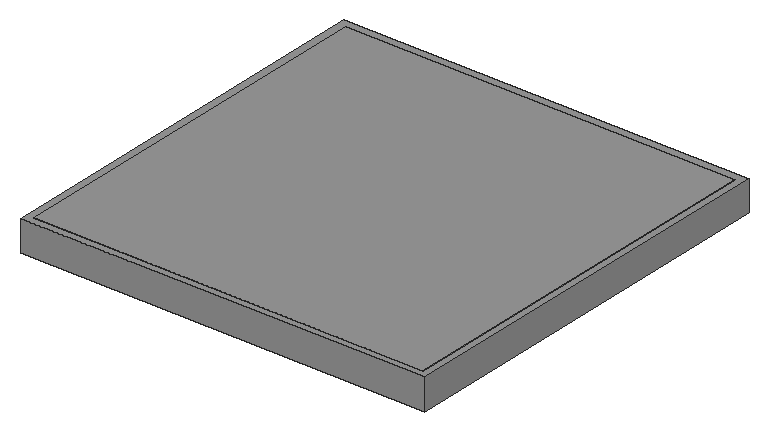
Revit family "ДВО-09 30 Вт Грильято DALI", category Осветительные приборы, Revit 2019 (continued)
Types (6, lengths in mm): name | Эффективность светильника | Файл фотометрической сетки | Тип рассеивателя | Световой поток модуля | built-in parameter 1150142 | Wattage | built-in parameter 1114217 | built-in parameter 1150134 | Lumens | built-in parameter 1150105 | Категория по ограничению яркости | built-in parameter 1150107 | built-in parameter 1150106 | Габаритная яркость | Артикул | URL
    .0 0.0 0.0 0.0 0.0 0.0 0.0 0.0 0.0 0.0 0.0 0.0 0.0 0.0 0.0 0.0 0.0 0.0 0.0 0.0 0.0 0.0 0.0 0.0 0.0\r\n1213.1 1212.4 1211.2 1209.5 1207.3 1204.6 1201.4 1197.9 1193.9 1189.7 1184.8 1179.6 1173.9 1167.8 1161.1 1154.1 1146.5 1138.6 1130.3 1121.6 1112.5 1102.9 1093.3 1083.0 1072.6 1061.6 1050.5 1038.7 1027.0 1014.6 1002.0 989.0 975.7 961.8 947.9 933.7 919.2 904.6 889.6 874.5 859.0 843.5 827.5 811.2 794.7 777.8 760.8 743.6 726.1 708.5 690.7 672.6 654.3 635.8 617.2 598.2 579.1 559.8 540.3 520.6 500.6 480.7 460.3 440.2 419.4 399.0 378.2 357.6 336.7 316.2 295.3 275.0 254.3 234.4 214.1 194.5 175.0 156.0 137.2 119.1 101.8 85.3 70.0 55.8 43.3 32.6 23.9 17.1 12.4 9.3 7.5 6.7 6.4 6.3 6.4 6.4 6.3 6.4 6.5 6.6 0.0 0.0 0.0 0.0 0.0 0.0 0.0 0.0 0.0 0.0 0.0 0.0 0.0 0.0 0.0 0.0 0.0 0.0 0.0 0.0 0.0 0.0 0.0 0.0 0.0 0.0 0.0 0.0 0.0 0.0 0.0 0.0 0.0 0.0 0.0 0.0 0.0 0.0 0.0 0.0 0.0 0.0 0.0 0.0 0.0 0.0 0.0 0.0 0.0 0.0 0.0 0.0 0.0 0.0 0.0 0.0 0.0 0.0 0.0 0.0 0.0\r\n1213.1 1212.4 1211.0 1209.0 1206.6 1203.8 1200.3 1196.6 1192.3 1187.9 1182.9 1177.6 1171.6 1165.5 1158.5 1151.3 1143.5 1135.3 1126.8 1117.8 1108.6 1098.9 1089.1 1078.7 1068.2 1057.1 1045.8 1033.8 1021.8 1009.1 996.3 982.8 969.3 955.2 941.2 926.8 912.4 897.5 882.7 867.5 852.4 836.8 821.0 804.7 788.4 771.2 754.2 736.6 719.0 700.8 683.0 664.4 646.1 627.2 608.8 589.7 570.8 551.3 532.1 512.2 492.1 472.3 451.8 431.6 410.6 390.1 369.2 348.6 327.7 307.3 286.6 266.5 246.0 226.4 206.4 187.1 167.9 149.3 130.8 113.3 96.2 80.2 65.4 51.9 39.8 29.9 21.7 15.6 11.2 8.5 7.0 6.5 6.4 6.4 6.5 6.6 6.4 6.6 6.7 6.7 0.0 0.0 0.0 0.0 0.0 0.0 0.0 0.0 0.0 0.0 0.0 0.0 0.0 0.0 0.0 0.0 0.0 0.0 0.0 0.0 0.0 0.0 0.0 0.0 0.0 0.0 0.0 0.0 0.0 0.0 0.0 0.0 0.0 0.0 0.0 0.0 0.0 0.0 0.0 0.0 0.0 0.0 0.0 0.0 0.0 0.0 0.0 0.0 0.0 0.0 0.0 0.0 0.0 0.0 0.0 0.0 0.0 0.0 0.0 0.0 0.0\r\n1213.1 1212.5 1211.3 1209.5 1207.5 1205.0 1202.2 1198.8 1194.8 1190.7 1186.0 1181.0 1175.4 1169.1 1162.5 1155.4 1147.9 1140.1 1131.6 1123.0 1114.0 1104.9 1095.6 1085.8 1075.4 1064.4 1053.3 1041.6 1029.7 1017.2 1004.6 991.4 978.3 964.7 951.1 937.4 923.4 908.9 894.5 879.4 864.4 848.5 832.5 815.9 799.4 782.4 765.5 748.1 730.8 713.1 695.7 677.3 659.3 640.5 621.9 602.4 583.3 563.7 544.6 524.8 505.4 485.4 465.4 444.8 424.7 403.8 382.9 362.4 341.4 320.7 299.8 279.3 258.6 238.4 217.9 198.2 178.3 159.2 140.1 121.9 104.0 87.4 71.6 57.5 44.5 33.3 24.2 17.3 12.3 9.1 7.2 6.3 6.1 6.1 6.1 6.2 6.1 6.2 6.3 6.2 0.0 0.0 0.0 0.0 0.0 0.0 0.0 0.0 0.0 0.0 0.0 0.0 0.0 0.0 0.0 0.0 0.0 0.0 0.0 0.0 0.0 0.0 0.0 0.0 0.0 0.0 0.0 0.0 0.0 0.0 0.0 0.0 0.0 0.0 0.0 0.0 0.0 0.0 0.0 0.0 0.0 0.0 0.0 0.0 0.0 0.0 0.0 0.0 0.0 0.0 0.0 0.0 0.0 0.0 0.0 0.0 0.0 0.0 0.0 0.0 0.0\r\n1213.1 1212.5 1211.4 1209.7 1207.7 1205.2 1202.4 1199.0 1195.1 1191.1 1186.4 1181.3 1175.8 1169.6 1163.1 1156.1 1148.7 1141.0 1132.7 1124.2 1115.2 1105.9 1096.5 1086.6 1076.2 1065.2 1054.2 1042.6 1030.9 1018.7 1006.2 993.3 980.2 966.5 952.8 939.0 924.7 910.3 895.5 880.5 865.0 849.3 833.2 816.8 800.2 783.4 766.4 749.3 732.0 714.6 697.1 679.1 660.9 642.4 623.7 604.6 585.4 566.0 546.5 526.9 507.2 487.3 467.1 446.8 426.5 405.8 385.0 364.5 343.5 322.9 301.9 281.4 260.6 240.4 219.8 200.1 180.2 161.0 141.9 123.4 105.7 88.9 73.1 58.6 45.7 34.3 25.1 18.0 12.9 9.6 7.6 6.6 6.2 6.1 6.2 6.2 6.2 6.2 6.3 6.3 0.0 0.0 0.0 0.0 0.0 0.0 0.0 0.0 0.0 0.0 0.0 0.0 0.0 0.0 0.0 0.0 0.0 0.0 0.0 0.0 0.0 0.0 0.0 0.0 0.0 0.0 0.0 0.0 0.0 0.0 0.0 0.0 0.0 0.0 0.0 0.0 0.0 0.0 0.0 0.0 0.0 0.0 0.0 0.0 0.0 0.0 0.0 0.0 0.0 0.0 0.0 0.0 0.0 0.0 0.0 0.0 0.0 0.0 0.0 0.0 0.0\r\n1213.1 1212.4 1211.4 1209.9 1207.9 1205.4 1202.5 1199.2 1195.4 1191.4 1186.7 1181.5 1176.1 1170.0 1163.6 1156.8 1149.5 1141.8 1133.8 1125.3 1116.3 1106.9 1097.4 1087.3 1076.9 1066.0 1055.1 1043.6 1032.1 1020.1 1007.7 995.1 982.0 968.3 954.5 940.5 926.0 911.6 896.4 881.5 865.6 850.1 833.9 817.7 801.0 784.3 767.3 750.5 733.2 716.1 698.4 680.8 662.5 644.3 625.5 606.7 587.4 568.2 548.4 528.9 509.0 489.1 468.8 448.8 428.2 407.8 387.1 366.6 345.6 325.0 304.0 283.4 262.5 242.3 221.7 201.9 182.0 162.7 143.6 124.9 107.4 90.3 74.6 59.7 46.8 35.2 26.0 18.6 13.5 10.1 7.9 6.9 6.3 6.1 6.2 6.2 6.2 6.2 6.3 6.4 0.0 0.0 0.0 0.0 0.0 0.0 0.0 0.0 0.0 0.0 0.0 0.0 0.0 0.0 0.0 0.0 0.0 0.0 0.0 0.0 0.0 0.0 0.0 0.0 0.0 0.0 0.0 0.0 0.0 0.0 0.0 0.0 0.0 0.0 0.0 0.0 0.0 0.0 0.0 0.0 0.0 0.0 0.0 0.0 0.0 0.0 0.0 0.0 0.0 0.0 0.0 0.0 0.0 0.0 0.0 0.0 0.0 0.0 0.0 0.0 0.0\r\n1213.1 1212.4 1211.2 1209.5 1207.3 1204.6 1201.4 1197.9 1193.9 1189.7 1184.8 1179.6 1173.9 1167.8 1161.1 1154.1 1146.5 1138.6 1130.3 1121.6 1112.5 1102.9 1093.3 1083.0 1072.6 1061.6 1050.5 1038.7 1027.0 1014.6 1002.0 989.0 975.7 961.8 947.9 933.7 919.2 904.6 889.6 874.5 859.0 843.5 827.5 811.2 794.7 777.8 760.8 743.6 726.1 708.5 690.7 672.6 654.3 635.8 617.2 598.2 579.1 559.8 540.3 520.6 500.6 480.7 460.3 440.2 419.4 399.0 378.2 357.6 336.7 316.2 295.3 275.0 254.3 234.4 214.1 194.5 175.0 156.0 137.2 119.1 101.8 85.3 70.0 55.8 43.3 32.6 23.9 17.1 12.4 9.3 7.5 6.7 6.4 6.3 6.4 6.4 6.3 6.4 6.5 6.6 0.0 0.0 0.0 0.0 0.0 0.0 0.0 0.0 0.0 0.0 0.0 0.0 0.0 0.0 0.0 0.0 0.0 0.0 0.0 0.0 0.0 0.0 0.0 0.0 0.0 0.0 0.0 0.0 0.0 0.0 0.0 0.0 0.0 0.0 0.0 0.0 0.0 0.0 0.0 0.0 0.0 0.0 0.0 0.0 0.0 0.0 0.0 0.0 0.0 0.0 0.0 0.0 0.0 0.0 0.0 0.0 0.0 0.0 0.0 0.0 0.0\r\n1213.1 1212.4 1211.0 1209.0 1206.6 1203.8 1200.3 1196.6 1192.3 1187.9 1182.9 1177.6 1171.6 1165.5 1158.5 1151.3 1143.5 1135.3 1126.8 1117.8 1108.6 1098.9 1089.1 1078.7 1068.2 1057.1 1045.8 1033.8 1021.8 1009.1 996.3 982.8 969.3 955.2 941.2 926.8 912.4 897.5 882.7 867.5 852.4 836.8 821.0 804.7 788.4 771.2 754.2 736.6 719.0 700.8 683.0 664.4 646.1 627.2 608.8 589.7 570.8 551.3 532.1 512.2 492.1 472.3 451.8 431.6 410.6 390.1 369.2 348.6 327.7 307.3 286.6 266.5 246.0 226.4 206.4 187.1 167.9 149.3 130.8 113.3 96.2 80.2 65.4 51.9 39.8 29.9 21.7 15.6 11.2 8.5 7.0 6.5 6.4 6.4 6.5 6.6 6.4 6.6 6.7 6.7 0.0 0.0 0.0 0.0 0.0 0.0 0.0 0.0 0.0 0.0 0.0 0.0 0.0 0.0 0.0 0.0 0.0 0.0 0.0 0.0 0.0 0.0 0.0 0.0 0.0 0.0 0.0 0.0 0.0 0.0 0.0 0.0 0.0 0.0 0.0 0.0 0.0 0.0 0.0 0.0 0.0 0.0 0.0 0.0 0.0 0.0 0.0 0.0 0.0 0.0 0.0 0.0 0.0 0.0 0.0 0.0 0.0 0.0 0.0 0.0 0.0\r\n1213.1 1212.5 1211.3 1209.5 1207.5 1205.0 1202.2 1198.8 1194.8 1190.7 1186.0 1181.0 1175.4 1169.1 1162.5 1155.4 1147.9 1140.1 1131.6 1123.0 1114.0 1104.9 1095.6 1085.8 1075.4 1064.4 1053.3 1041.6 1029.7 1017.2 1004.6 991.4 978.3 964.7 951.1 937.4 923.4 908.9 894.5 879.4 864.4 848.5 832.5 815.9 799.4 782.4 765.5 748.1 730.8 713.1 695.7 677.3 659.3 640.5 621.9 602.4 583.3 563.7 544.6 524.8 505.4 485.4 465.4 444.8 424.7 403.8 382.9 362.4 341.4 320.7 299.8 279.3 258.6 238.4 217.9 198.2 178.3 159.2 140.1 121.9 104.0 87.4 71.6 57.5 44.5 33.3 24.2 17.3 12.3 9.1 7.2 6.3 6.1 6.1 6.1 6.2 6.1 6.2 6.3 6.2 0.0 0.0 0.0 0.0 0.0 0.0 0.0 0.0 0.0 0.0 0.0 0.0 0.0 0.0 0.0 0.0 0.0 0.0 0.0 0.0 0.0 0.0 0.0 0.0 0.0 0.0 0.0 0.0 0.0 0.0 0.0 0.0 0.0 0.0 0.0 0.0 0.0 0.0 0.0 0.0 0.0 0.0 0.0 0.0 0.0 0.0 0.0 0.0 0.0 0.0 0.0 0.0 0.0 0.0 0.0 0.0 0.0 0.0 0.0 0.0 0.0\r\n1213.1 1212.5 1211.4 1209.7 1207.7 1205.2 1202.4 1199.0 1195.1 1191.1 1186.4 1181.3 1175.8 1169.6 1163.1 1156.1 1148.7 1141.0 1132.7 1124.2 1115.2 1105.9 1096.5 1086.6 1076.2 1065.2 1054.2 1042.6 1030.9 1018.7 1006.2 993.3 980.2 966.5 952.8 939.0 924.7 910.3 895.5 880.5 865.0 849.3 833.2 816.8 800.2 783.4 766.4 749.3 732.0 714.6 697.1 679.1 660.9 642.4 623.7 604.6 585.4 566.0 546.5 526.9 507.2 487.3 467.1 446.8 426.5 405.8 385.0 364.5 343.5 322.9 301.9 281.4 260.6 240.4 219.8 200.1 180.2 161.0 141.9 123.4 105.7 88.9 73.1 58.6 45.7 34.3 25.1 18.0 12.9 9.6 7.6 6.6 6.2 6.1 6.2 6.2 6.2 6.2 6.3 6.3 0.0 0.0 0.0 0.0 0.0 0.0 0.0 0.0 0.0 0.0 0.0 0.0 0.0 0.0 0.0 0.0 0.0 0.0 0.0 0.0 0.0 0.0 0.0 0.0 0.0 0.0 0.0 0.0 0.0 0.0 0.0 0.0 0.0 0.0 0.0 0.0 0.0 0.0 0.0 0.0 0.0 0.0 0.0 0.0 0.0 0.0 0.0 0.0 0.0 0.0 0.0 0.0 0.0 0.0 0.0 0.0 0.0 0.0 0.0 0.0 0.0\r\n1213.1 1212.4 1211.4 1209.9 1207.9 1205.4 1202.5 1199.2 1195.4 1191.4 1186.7 1181.5 1176.1 1170.0 1163.6 1156.8 1149.5 1141.8 1133.8 1125.3 1116.3 1106.9 1097.4 1087.3 1076.9 1066.0 1055.1 1043.6 1032.1 1020.1 1007.7 995.1 982.0 968.3 954.5 940.5 926.0 911.6 896.4 881.5 865.6 850.1 833.9 817.7 801.0 784.3 767.3 750.5 733.2 716.1 698.4 680.8 662.5 644.3 625.5 606.7 587.4 568.2 548.4 528.9 509.0 489.1 468.8 448.8 428.2 407.8 387.1 366.6 345.6 325.0 304.0 283.4 262.5 242.3 221.7 201.9 182.0 162.7 143.6 124.9 107.4 90.3 74.6 59.7 46.8 35.2 26.0 18.6 13.5 10.1 7.9 6.9 6.3 6.1 6.2 6.2 6.2 6.2 6.3 6.4 0.0 0.0 0.0 0.0 0.0 0.0 0.0 0.0 0.0 0.0 0.0 0.0 0.0 0.0 0.0 0.0 0.0 0.0 0.0 0.0 0.0 0.0 0.0 0.0 0.0 0.0 0.0 0.0 0.0 0.0 0.0 0.0 0.0 0.0 0.0 0.0 0.0 0.0 0.0 0.0 0.0 0.0 0.0 0.0 0.0 0.0 0.0 0.0 0.0 0.0 0.0 0.0 0.0 0.0 0.0 0.0 0.0 0.0 0.0 0.0 0.0\r\n1213.1 1212.4 1211.2 1209.5 1207.3 1204.6 1201.4 1197.9 1193.9 1189.7 1184.8 1179.6 1173.9 1167.8 1161.1 1154.1 1146.5 1138.6 1130.3 1121.6 1112.5 1102.9 1093.3 1083.0 1072.6 1061.6 1050.5 1038.7 1027.0 1014.6 1002.0 989.0 975.7 961.8 947.9 933.7 919.2 904.6 889.6 874.5 859.0 843.5 827.5 811.2 794.7 777.8 760.8 743.6 726.1 708.5 690.7 672.6 654.3 635.8 617.2 598.2 579.1 559.8 540.3 520.6 500.6 480.7 460.3 440.2 419.4 399.0 378.2 357.6 336.7 316.2 295.3 275.0 254.3 234.4 214.1 194.5 175.0 156.0 137.2 119.1 101.8 85.3 70.0 55.8 43.3 32.6 23.9 17.1 12.4 9.3 7.5 6.7 6.4 6.3 6.4 6.4 6.3 6.4 6.5 6.6 0.0 0.0 0.0 0.0 0.0 0.0 0.0 0.0 0.0 0.0 0.0 0.0 0.0 0.0 0.0 0.0 0.0 0.0 0.0 0.0 0.0 0.0 0.0 0.0 0.0 0.0 0.0 0.0 0.0 0.0 0.0 0.0 0.0 0.0 0.0 0.0 0.0 0.0 0.0 0.0 0.0 0.0 0.0 0.0 0.0 0.0 0.0 0.0 0.0 0.0 0.0 0.0 0.0 0.0 0.0 0.0 0.0 0.0 0.0 0.0 0.0\r\n1213.1 1212.4 1211.0 1209.0 1206.6 1203.8 1200.3 1196.6 1192.3 1187.9 1182.9 1177.6 1171.6 1165.5 1158.5 1151.3 1143.5 1135.3 1126.8 1117.8 1108.6 1098.9 1089.1 1078.7 1068.2 1057.1 1045.8 1033.8 1021.8 1009.1 996.3 982.8 969.3 955.2 941.2 926.8 912.4 897.5 882.7 867.5 852.4 836.8 821.0 804.7 788.4 771.2 754.2 736.6 719.0 700.8 683.0 664.4 646.1 627.2 608.8 589.7 570.8 551.3 532.1 512.2 492.1 472.3 451.8 431.6 410.6 390.1 369.2 348.6 327.7 307.3 286.6 266.5 246.0 226.4 206.4 187.1 167.9 149.3 130.8 113.3 96.2 80.2 65.4 51.9 39.8 29.9 21.7 15.6 11.2 8.5 7.0 6.5 6.4 6.4 6.5 6.6 6.4 6.6 6.7 6.7 0.0 0.0 0.0 0.0 0.0 0.0 0.0 0.0 0.0 0.0 0.0 0.0 0.0 0.0 0.0 0.0 0.0 0.0 0.0 0.0 0.0 0.0 0.0 0.0 0.0 0.0 0.0 0.0 0.0 0.0 0.0 0.0 0.0 0.0 0.0 0.0 0.0 0.0 0.0 0.0 0.0 0.0 0.0 0.0 0.0 0.0 0.0 0.0 0.0 0.0 0.0 0.0 0.0 0.0 0.0 0.0 0.0 0.0 0.0 0.0 0.0\r\n1213.1 1212.5 1211.3 1209.5 1207.5 1205.0 1202.2 1198.8 1194.8 1190.7 1186.0 1181.0 1175.4 1169.1 1162.5 1155.4 1147.9 1140.1 1131.6 1123.0 1114.0 1104.9 1095.6 1085.8 1075.4 1064.4 1053.3 1041.6 1029.7 1017.2 1004.6 991.4 978.3 964.7 951.1 937.4 923.4 908.9 894.5 879.4 864.4 848.5 832.5 815.9 799.4 782.4 765.5 748.1 730.8 713.1 695.7 677.3 659.3 640.5 621.9 602.4 583.3 563.7 544.6 524.8 505.4 485.4 465.4 444.8 424.7 403.8 382.9 362.4 341.4 320.7 299.8 279.3 258.6 238.4 217.9 198.2 178.3 159.2 140.1 121.9 104.0 87.4 71.6 57.5 44.5 33.3 24.2 17.3 12.3 9.1 7.2 6.3 6.1 6.1 6.1 6.2 6.1 6.2 6.3 6.2 0.0 0.0 0.0 0.0 0.0 0.0 0.0 0.0 0.0 0.0 0.0 0.0 0.0 0.0 0.0 0.0 0.0 0.0 0.0 0.0 0.0 0.0 0.0 0.0 0.0 0.0 0.0 0.0 0.0 0.0 0.0 0.0 0.0 0.0 0.0 0.0 0.0 0.0 0.0 0.0 0.0 0.0 0.0 0.0 0.0 0.0 0.0 0.0 0.0 0.0 0.0 0.0 0.0 0.0 0.0 0.0 0.0 0.0 0.0 0.0 0.0\r\n1213.1 1212.5 1211.4 1209.7 1207.7 1205.2 1202.4 1199.0 1195.1 1191.1 1186.4 1181.3 1175.8 1169.6 1163.1 1156.1 1148.7 1141.0 1132.7 1124.2 1115.2 1105.9 1096.5 1086.6 1076.2 1065.2 1054.2 1042.6 1030.9 1018.7 1006.2 993.3 980.2 966.5 952.8 939.0 924.7 910.3 895.5 880.5 865.0 849.3 833.2 816.8 800.2 783.4 766.4 749.3 732.0 714.6 697.1 679.1 660.9 642.4 623.7 604.6 585.4 566.0 546.5 526.9 507.2 487.3 467.1 446.8 426.5 405.8 385.0 364.5 343.5 322.9 301.9 281.4 260.6 240.4 219.8 200.1 180.2 161.0 141.9 123.4 105.7 88.9 73.1 58.6 45.7 34.3 25.1 18.0 12.9 9.6 7.6 6.6 6.2 6.1 6.2 6.2 6.2 6.2 6.3 6.3 0.0 0.0 0.0 0.0 0.0 0.0 0.0 0.0 0.0 0.0 0.0 0.0 0.0 0.0 0.0 0.0 0.0 0.0 0.0 0.0 0.0 0.0 0.0 0.0 0.0 0.0 0.0 0.0 0.0 0.0 0.0 0.0 0.0 0.0 0.0 0.0 0.0 0.0 0.0 0.0 0.0 0.0 0.0 0.0 0.0 0.0 0.0 0.0 0.0 0.0 0.0 0.0 0.0 0.0 0.0 0.0 0.0 0.0 0.0 0.0 0.0\r\n1213.1 1212.4 1211.4 1209.9 1207.9 1205.4 1202.5 1199.2 1195.4 1191.4 1186.7 1181.5 1176.1 1170.0 1163.6 1156.8 1149.5 1141.8 1133.8 1125.3 1116.3 1106.9 1097.4 1087.3 1076.9 1066.0 1055.1 1043.6 1032.1 1020.1 1007.7 995.1 982.0 968.3 954.5 940.5 926.0 911.6 896.4 881.5 865.6 850.1 833.9 817.7 801.0 784.3 767.3 750.5 733.2 716.1 698.4 680.8 662.5 644.3 625.5 606.7 587.4 568.2 548.4 528.9 509.0 489.1 468.8 448.8 428.2 407.8 387.1 366.6 345.6 325.0 304.0 283.4 262.5 242.3 221.7 201.9 182.0 162.7 143.6 124.9 107.4 90.3 74.6 59.7 46.8 35.2 26.0 18.6 13.5 10.1 7.9 6.9 6.3 6.1 6.2 6.2 6.2 6.2 6.3 6.4 0.0 0.0 0.0 0.0 0.0 0.0 0.0 0.0 0.0 0.0 0.0 0.0 0.0 0.0 0.0 0.0 0.0 0.0 0.0 0.0 0.0 0.0 0.0 0.0 0.0 0.0 0.0 0.0 0.0 0.0 0.0 0.0 0.0 0.0 0.0 0.0 0.0 0.0 0.0 0.0 0.0 0.0 0.0 0.0 0.0 0.0 0.0 0.0 0.0 0.0 0.0 0.0 0.0 0.0 0.0 0.0 0.0 0.0 0.0 0.0 0.0\r\n1213.1 1212.4 1211.2 1209.5 1207.3 1204.6 1201.4 1197.9 1193.9 1189.7 1184.8 1179.6 1173.9 1167.8 1161.1 1154.1 1146.5 1138.6 1130.3 1121.6 1112.5 1102.9 1093.3 1083.0 1072.6 1061.6 1050.5 1038.7 1027.0 1014.6 1002.0 989.0 975.7 961.8 947.9 933.7 919.2 904.6 889.6 874.5 859.0 843.5 827.5 811.2 794.7 777.8 760.8 743.6 726.1 708.5 690.7 672.6 654.3 635.8 617.2 598.2 579.1 559.8 540.3 520.6 500.6 480.7 460.3 440.2 419.4 399.0 378.2 357.6 336.7 316.2 295.3 275.0 254.3 234.4 214.1 194.5 175.0 156.0 137.2 119.1 101.8 85.3 70.0 55.8 43.3 32.6 23.9 17.1 12.4 9.3 7.5 6.7 6.4 6.3 6.4 6.4 6.3 6.4 6.5 6.6 0.0 0.0 0.0 0.0 0.0 0.0 0.0 0.0 0.0 0.0 0.0 0.0 0.0 0.0 0.0 0.0 0.0 0.0 0.0 0.0 0.0 0.0 0.0 0.0 0.0 0.0 0.0 0.0 0.0 0.0 0.0 0.0 0.0 0.0 0.0 0.0 0.0 0.0 0.0 0.0 0.0 0.0 0.0 0.0 0.0 0.0 0.0 0.0 0.0 0.0 0.0 0.0 0.0 0.0 0.0 0.0 0.0 0.0 0.0 0.0 0.0\r\n1213.1 1212.4 1211.0 1209.0 1206.6 1203.8 1200.3 1196.6 1192.3 1187.9 1182.9 1177.6 1171.6 1165.5 1158.5 1151.3 1143.5 1135.3 1126.8 1117.8 1108.6 1098.9 1089.1 1078.7 1068.2 1057.1 1045.8 1033.8 1021.8 1009.1 996.3 982.8 969.3 955.2 941.2 926.8 912.4 897.5 882.7 867.5 852.4 836.8 821.0 804.7 788.4 771.2 754.2 736.6 719.0 700.8 683.0 664.4 646.1 627.2 608.8 589.7 570.8 551.3 532.1 512.2 492.1 472.3 451.8 431.6 410.6 390.1 369.2 348.6 327.7 307.3 286.6 266.5 246.0 226.4 206.4 187.1 167.9 149.3 130.8 113.3 96.2 80.2 65.4 51.9 39.8 29.9 21.7 15.6 11.2 8.5 7.0 6.5 6.4 6.4 6.5 6.6 6.4 6.6 6.7 6.7 0.0 0.0 0.0 0.0 0.0 0.0 0.0 0.0 0.0 0.0 0.0 0.0 0.0 0.0 0.0 0.0 0.0 0.0 0.0 0.0 0.0 0.0 0.0 0.0 0.0 0.0 0.0 0.0 0.0 0.0 0.0 0.0 0.0 0.0 0.0 0.0 0.0 0.0 0.0 0.0 0.0 0.0 0.0 0.0 0.0 0.0 0.0 0.0 0.0 0.0 0.0 0.0 0.0 0.0 0.0 0.0 0.0 0.0 0.0 0.0 0.0\r\n1213.1 1212.5 1211.3 1209.5 1207.5 1205.0 1202.2 1198.8 1194.8 1190.7 1186.0 1181.0 1175.4 1169.1 1162.5 1155.4 1147.9 1140.1 1131.6 1123.0 1114.0 1104.9 1095.6 1085.8 1075.4 1064.4 1053.3 1041.6 1029.7 1017.2 1004.6 991.4 978.3 964.7 951.1 937.4 923.4 908.9 894.5 879.4 864.4 848.5 832.5 815.9 799.4 782.4 765.5 748.1 730.8 713.1 695.7 677.3 659.3 640.5 621.9 602.4 583.3 563.7 544.6 524.8 505.4 485.4 465.4 444.8 424.7 403.8 382.9 362.4 341.4 320.7 299.8 279.3 258.6 238.4 217.9 198.2 178.3 159.2 140.1 121.9 104.0 87.4 71.6 57.5 44.5 33.3 24.2 17.3 12.3 9.1 7.2 6.3 6.1 6.1 6.1 6.2 6.1 6.2 6.3 6.2 0.0 0.0 0.0 0.0 0.0 0.0 0.0 0.0 0.0 0.0 0.0 0.0 0.0 0.0 0.0 0.0 0.0 0.0 0.0 0.0 0.0 0.0 0.0 0.0 0.0 0.0 0.0 0.0 0.0 0.0 0.0 0.0 0.0 0.0 0.0 0.0 0.0 0.0 0.0 0.0 0.0 0.0 0.0 0.0 0.0 0.0 0.0 0.0 0.0 0.0 0.0 0.0 0.0 0.0 0.0 0.0 0.0 0.0 0.0 0.0 0.0\r\n1213.1 1212.5 1211.4 1209.7 1207.7 1205.2 1202.4 1199.0 1195.1 1191.1 1186.4 1181.3 1175.8 1169.6 1163.1 1156.1 1148.7 1141.0 1132.7 1124.2 1115.2 1105.9 1096.5 1086.6 1076.2 1065.2 1054.2 1042.6 1030.9 1018.7 1006.2 993.3 980.2 966.5 952.8 939.0 924.7 910.3 895.5 880.5 865.0 849.3 833.2 816.8 800.2 783.4 766.4 749.3 732.0 714.6 697.1 679.1 660.9 642.4 623.7 604.6 585.4 566.0 546.5 526.9 507.2 487.3 467.1 446.8 426.5 405.8 385.0 364.5 343.5 322.9 301.9 281.4 260.6 240.4 219.8 200.1 180.2 161.0 141.9 123.4 105.7 88.9 73.1 58.6 45.7 34.3 25.1 18.0 12.9 9.6 7.6 6.6 6.2 6.1 6.2 6.2 6.2 6.2 6.3 6.3 0.0 0.0 0.0 0.0 0.0 0.0 0.0 0.0 0.0 0.0 0.0 0.0 0.0 0.0 0.0 0.0 0.0 0.0 0.0 
